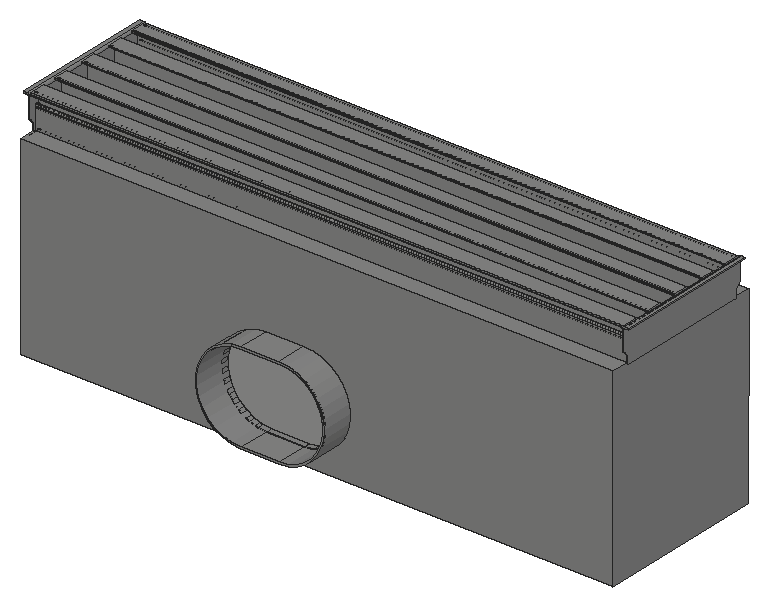
Revit family "Diffuser-Carnes-T_Bar_Mount-4-Slot-DTDB", category Duct Accessories, host Face, Revit 2014
Parameters (values of type "See Type Catalog")
  Supply Connector = yes
  Supply Connection = "Diffuser Supply Connector"  # constant formula
  Subcatagory = "Air Distribution"  # constant formula
  Specification Sheet = "http://www.carnes.com/AirDistribution/pdf/13100.pdf"
  Revit Object Download Link = "http://library.smartbim.com/download/Diffuser-Carnes-T_Bar_Mount-4-Slot-DTDB"
  Product Page URL = "http://www.carnes.com/AirDistribution/dtda.phtml"
  Length = 24"
  Inlet Nominal Size Width = 5"
  Inlet Nominal Size Height D = if(Inlet Nominal Size Width > 6", 5 1/4", 3 1/2")  # 3 1/2"
  Height = 9 1/16"  # constant formula
  Flow = 0 CFM
  Description = "Extruded Aluminum 4 Slot Diffuser T-Bar Mount"  # constant formula
  Profile Depth = 5.75918"
  URL = "http://www.carnes.com/"
  Model = "DTDB"  # constant formula
  Unit = Metal - Carnes - Steel Galvanized
  Manufacturer = "CARNES COMPANY"  # constant formula
  Depth = 2 3/4"
  Default Elevation = 0"
  D Depth = 6 11/16"
  Catalog = "http://www.carnes.com/AirDistribution/pdf/a462-465.pdf"
  Box Length = Length - 1/2"  # 23 1/2"
  B Radius = Inlet Width + 3"  # 9 1/2"
  Inlet Width = 6 1/2"
  Assembly Code = ""
  Inlet Offset = 10 1/2"
  95 CSI = ""
  04 CSI = ""
Reference planes (in)
  plane 1 "Center (Front/Back)": y = 0
  plane 2: z = 0
  plane 3 "Center (Left/Right)": x = 0.94
  plane 4: z = -1.25
  plane 5: y = 2.87959
  plane 6: y = -2.87959
  plane 7: z = 1.44451
  plane 8: x = -11.06
  plane 9: x = 12.94
  plane 10: z = -8.05549
  plane 11: z = -9.0625
Forms (in)
  Extrusion 1, void
    sketch origin (0.94, 0, 0) x (0, 1, 0) y (0, 0, 1)
      loop
        line (-2.87959, 1.44451) -> (-2.87959, -8.05549) -> (2.87959, -8.05549) -> (2.87959, 1.44451) -> (-2.87959, 1.44451)
    from -12 to 12
Dimensions and locks (in)
  locked: plane 2 to plane 4 at 1.25
  equal spacing: plane 6, plane 1 "Center (Front/Back)", plane 5
  "Profile Depth": plane 6 to plane 5
  locked: plane 7 to host face at 1.44451
  equal spacing: plane 8, plane 3 "Center (Left/Right)", plane 9
  "Length": plane 8 to plane 9
  plane 2 to plane 10 = 8.05549"
  "Height": plane 2 to plane 11
  equal spacing: host sketch curve, plane 1 "Center (Front/Back)", host sketch curve
  equal spacing: host sketch curve, plane 3 "Center (Left/Right)", host sketch curve
  aligned and locked: plane 2 to host face
  aligned and locked: level to host face
  aligned and locked: Extrusion 1 to plane 7
  aligned and locked: Extrusion 1 to plane 10
  aligned and locked: plane 9 to Extrusion 1
  aligned and locked: plane 8 to Extrusion 1
  aligned and locked: Extrusion 1 sketch curve to nested 1  (x2)
  aligned and locked: plane 1 "Center (Front/Back)" to nested 1
  aligned and locked: plane 1 "Center (Front/Back)" to nested 2
  aligned and locked: nested 1 to plane 3 "Center (Left/Right)"
  aligned and locked: nested 2 to plane 3 "Center (Left/Right)"
Automatic sketch dimensions
  Extrusion 1 sketch curve to plane 10 = 0"
  plane 7 to Extrusion 1 sketch curve = 0"
Nested families (in)
  nested 1: "602-1031" at (1.84432, 0, 0.04219) x (-1, 0, 0) z (0, 0, -1), type "Slot 4"
  nested 2: "CXPC" at (1.88, 0, 0.05188) x (-1, 0, 0) z (0, 0, -1), type "Parametric"
Connectors (in)
  hvac at (-0.31, -4.59375, -6.58911), driven by "Inlet Nominal Size Height D", driven by "Inlet Nominal Size Width", driven by "Supply Connector", driven by "Supply Connection"
    settings: on nested 2, index 1, duct flow 0 CFM, flow factor 0, pres drop 0.00 in-wg, loss coef 0, conn angle 0.00°, conn width 5", conn height 3 1/2", conn diameter 24", duct sys type 1, conn prof type 2, flow config 1, flow direction 1, loss method 0, conn ref index -1, conn util yes, is conn primary yes, conn desc "Diffuser Supply Connector"
Definition of nested family "602-1031"
  Parameters (values of type "Slot 4")
    Supply Connector = yes
    Supply Connection = ""
    Subcatagory = ""
    Specification Sheet = ""
    Product Page URL = ""
    Length = 24"
    URL = ""
    Model = "602-1091"  # constant formula
    Unit = Metal - Carnes - Steel Galvanized
    Manufacturer = ""
    Height = 1.44451"
    Flow = 0 CFM
    Description = ""
    Depth = 5.75918"
    Default Elevation = 0"
    Catalog = ""
    Assembly Code = ""
    95 CSI = ""
    04 CSI = ""
  Reference planes (in)
    plane 1 "Center (Front/Back)": y = 0
    plane 2: z = 0
    plane 3 "Center (Left/Right)": x = 0.90432
    plane 4: y = 2.87959
    plane 5: y = -2.87959
    plane 6: x = 12.90432
    plane 7: x = -11.09568
    plane 8: z = 1.44451
  Forms (in)
    Extrusion 1, solid
      sketch origin (0, 0, 0) x (1, 0, 0) y (0, 1, 0)
        loop
          line (-15.06379, 7) -> (-15.06379, -7) -> (16.87243, -7) -> (16.87243, 7) -> (-15.06379, 7)
      from 0 to -1
  Dimensions and locks (in)
    equal spacing: plane 5, plane 1 "Center (Front/Back)", plane 4
    "Depth": plane 5 to plane 4
    equal spacing: plane 6, plane 3 "Center (Left/Right)", plane 7
    "Length": plane 6 to plane 7
    "Height": plane 8 to Extrusion 1
    equal spacing: Extrusion 1 sketch curve, plane 1 "Center (Front/Back)", Extrusion 1 sketch curve
    equal spacing: Extrusion 1 sketch curve, plane 3 "Center (Left/Right)", Extrusion 1 sketch curve
    aligned and locked: plane 2 to Extrusion 1
    aligned and locked: level to Extrusion 1
  Nested families (in)
    nested 1: "Slot-4" at (-0.03568, 0, 0), type "Slot 4"
  Definition of nested family "Slot-4"
    Parameters (values of type "Slot 4")
      Length = 24"
      URL = ""
      Model = "DARD"  # constant formula
      Unit = Metal - Carnes - Steel Galvanized
      Manufacturer = ""
      Height = 1.44451"
      Depth = 5.75918"
      Default Elevation = 0"
      Assembly Code = ""
      95 CSI = ""
      04 CSI = ""
    Reference planes (in)
      plane 1 "Center (Front/Back)": y = 0
      plane 2: z = 0
      plane 3 "Center (Left/Right)": x = 0.94
      plane 4: z = -18
      plane 5: x = -11.06
      plane 6: x = 12.94
      plane 7: y = -2.87959
      plane 8: y = 2.87959
      plane 9: x = 12.69
      plane 10: x = -10.81
      plane 11: z = 1.44451
    Forms (in)
      Extrusion 1, solid
        sketch origin (0, -5, 0) x (1, 0, 0) y (0, 1, 0)
          loop
            line (-11.06, 7.87959) -> (-11.06, 2.12041) -> (12.94, 2.12041) -> (12.94, 7.87959) -> (-11.06, 7.87959)
        from 0 to -1
      Sweep 2, solid, material "Metal - Carnes - Steel Galvanized" <- "Unit"
        path origin (0, 0, 0.00391) x (1, 0, 0) y (0, 0, -1)
          loop
            line (-10.81, -1.43963) -> (12.69, -1.43963)
        profile origin (0.94, 0, 1.44353) x (0, 0, -1) y (0, 1, 0)
          loop
            arc (1.38825, 2.62274) -> (1.38229, 2.60836) -> (1.36791, 2.6024) r 0.02035
            line (1.36791, 2.6024) -> (1.32421, 2.6024) -> (1.32421, 2.55253) -> (1.38825, 2.55253) -> (1.38825, 2.48509) -> (0.83999, 2.48509) -> (0.83999, 2.55253) -> (0.9022, 2.55253) -> (0.9022, 2.58387)
            arc (0.9022, 2.58387) -> (0.89632, 2.59808) -> (0.8821, 2.60397) r 0.0201
            line (0.8821, 2.60397) -> (0.81064, 2.60397)
            arc (0.81064, 2.60397) -> (0.79608, 2.59794) -> (0.79005, 2.58338) r 0.02059
            line (0.79005, 2.58338) -> (0.79005, 2.50819)
            arc (0.79005, 2.50819) -> (0.78333, 2.492) -> (0.76711, 2.48533) r 0.02287
            line (0.76711, 2.48533) -> (0.02924, 2.48533)
            arc (0.02924, 2.48533) -> (0.00787, 2.47648) -> (-0.00098, 2.45511) r 0.03021
            line (-0.00098, 2.45511) -> (-0.00098, 2.3335)
            arc (-0.00098, 2.3335) -> (0.00484, 2.31945) -> (0.01889, 2.31363) r 0.01987
            line (0.01889, 2.31363) -> (0.11927, 2.31363)
            arc (0.11927, 2.31363) -> (0.1337, 2.31961) -> (0.13967, 2.33404) r 0.02041
            line (0.13967, 2.33404) -> (0.13967, 2.38919) -> (0.07783, 2.38919) -> (0.07783, 2.43343) -> (1.35582, 2.43343) -> (1.35582, 2.38528) -> (1.29367, 2.38528) -> (1.29367, 2.3297)
            arc (1.29367, 2.3297) -> (1.29956, 2.31546) -> (1.3138, 2.30957) r 0.02014
            line (1.3138, 2.30957) -> (1.36297, 2.30957)
            arc (1.36297, 2.30957) -> (1.37859, 2.30309) -> (1.38506, 2.28747) r 0.02209
            line (1.38506, 2.28747) -> (1.38506, 2.19896)
            arc (1.38506, 2.19896) -> (1.39145, 2.18354) -> (1.40687, 2.17715) r 0.02181
            line (1.40687, 2.17715) -> (1.44141, 2.17715) -> (1.44141, 2.83059) -> (1.35881, 2.83085)
            arc (1.35881, 2.83085) -> (1.33865, 2.80126) -> (1.36762, 2.78021) r 0.02571
            arc (1.36762, 2.78021) -> (1.38202, 2.77597) -> (1.38825, 2.76231) r 0.01808
            line (1.38825, 2.76231) -> (1.38825, 2.62274)
          loop
            line (0.01889, 1.15738) -> (0.11927, 1.15738)
            arc (0.11927, 1.15738) -> (0.1337, 1.16336) -> (0.13967, 1.17779) r 0.02041
            line (0.13967, 1.17779) -> (0.13967, 1.23294) -> (0.07783, 1.23294) -> (0.07783, 1.27718) -> (1.35582, 1.27718) -> (1.35582, 1.22903) -> (1.29367, 1.22903) -> (1.29367, 1.17345)
            arc (1.29367, 1.17345) -> (1.29956, 1.15921) -> (1.3138, 1.15332) r 0.02014
            line (1.3138, 1.15332) -> (1.36297, 1.15332)
            arc (1.36297, 1.15332) -> (1.37859, 1.14684) -> (1.38506, 1.13122) r 0.02209
            line (1.38506, 1.13122) -> (1.38506, 1.04271)
            arc (1.38506, 1.04271) -> (1.39145, 1.02729) -> (1.40687, 1.0209) r 0.02181
            line (1.40687, 1.0209) -> (1.44141, 1.0209) -> (1.44141, 1.61735) -> (1.40687, 1.61735)
            arc (1.40687, 1.61735) -> (1.39145, 1.61097) -> (1.38506, 1.59554) r 0.02181
            line (1.38506, 1.59554) -> (1.38506, 1.50703)
            arc (1.38506, 1.50703) -> (1.37859, 1.49141) -> (1.36297, 1.48494) r 0.02209
            line (1.36297, 1.48494) -> (1.3138, 1.48494)
            arc (1.3138, 1.48494) -> (1.29956, 1.47904) -> (1.29367, 1.4648) r 0.02014
            line (1.29367, 1.4648) -> (1.29367, 1.40923) -> (1.35582, 1.40923) -> (1.35582, 1.35696) -> (0.07783, 1.35696) -> (0.07783, 1.40532) -> (0.13967, 1.40532) -> (0.13967, 1.46047)
            arc (0.13967, 1.46047) -> (0.1337, 1.4749) -> (0.11927, 1.48087) r 0.02041
            line (0.11927, 1.48087) -> (0.01889, 1.48087)
            arc (0.01889, 1.48087) -> (0.00484, 1.47506) -> (-0.00098, 1.46101) r 0.01987
            line (-0.00098, 1.46101) -> (-0.00098, 1.17725)
            arc (-0.00098, 1.17725) -> (0.00484, 1.1632) -> (0.01889, 1.15738) r 0.01987
          loop
            arc (0.01889, -1.15738) -> (0.00484, -1.1632) -> (-0.00098, -1.17725) r 0.01987
            line (-0.00098, -1.17725) -> (-0.00098, -1.46101)
            arc (-0.00098, -1.46101) -> (0.00484, -1.47506) -> (0.01889, -1.48087) r 0.01987
            line (0.01889, -1.48087) -> (0.11927, -1.48087)
            arc (0.11927, -1.48087) -> (0.1337, -1.4749) -> (0.13967, -1.46047) r 0.02041
            line (0.13967, -1.46047) -> (0.13967, -1.40532) -> (0.07783, -1.40532) -> (0.07783, -1.36108) -> (1.35582, -1.36108) -> (1.35582, -1.40923) -> (1.29367, -1.40923) -> (1.29367, -1.4648)
            arc (1.29367, -1.4648) -> (1.29956, -1.47904) -> (1.3138, -1.48494) r 0.02014
            line (1.3138, -1.48494) -> (1.36297, -1.48494)
            arc (1.36297, -1.48494) -> (1.37859, -1.49141) -> (1.38506, -1.50703) r 0.02209
            line (1.38506, -1.50703) -> (1.38506, -1.59554)
            arc (1.38506, -1.59554) -> (1.39145, -1.61097) -> (1.40687, -1.61735) r 0.02181
            line (1.40687, -1.61735) -> (1.44141, -1.61735) -> (1.44141, -1.0209) -> (1.40687, -1.0209)
            arc (1.40687, -1.0209) -> (1.39145, -1.02729) -> (1.38506, -1.04271) r 0.02181
            line (1.38506, -1.04271) -> (1.38506, -1.13122)
            arc (1.38506, -1.13122) -> (1.37859, -1.14684) -> (1.36297, -1.15332) r 0.02209
            line (1.36297, -1.15332) -> (1.3138, -1.15332)
            arc (1.3138, -1.15332) -> (1.29956, -1.15921) -> (1.29367, -1.17345) r 0.02014
            line (1.29367, -1.17345) -> (1.29367, -1.22903) -> (1.35582, -1.22903) -> (1.35582, -1.2813) -> (0.07783, -1.2813) -> (0.07783, -1.23294) -> (0.13967, -1.23294) -> (0.13967, -1.17779)
            arc (0.13967, -1.17779) -> (0.1337, -1.16336) -> (0.11927, -1.15738) r 0.02041
            line (0.11927, -1.15738) -> (0.01889, -1.15738)
          loop
            arc (0.01889, 0.1738) -> (0.00484, 0.16798) -> (-0.00098, 0.15393) r 0.01987
            line (-0.00098, 0.15393) -> (-0.00098, -0.12983)
            arc (-0.00098, -0.12983) -> (0.00484, -0.14388) -> (0.01889, -0.14969) r 0.01987
            line (0.01889, -0.14969) -> (0.11927, -0.14969)
            arc (0.11927, -0.14969) -> (0.1337, -0.14372) -> (0.13967, -0.12929) r 0.02041
            line (0.13967, -0.12929) -> (0.13967, -0.07414) -> (0.07783, -0.07414) -> (0.07783, -0.0299) -> (1.35582, -0.0299) -> (1.35582, -0.07805) -> (1.29367, -0.07805) -> (1.29367, -0.13362)
            arc (1.29367, -0.13362) -> (1.29956, -0.14786) -> (1.3138, -0.15376) r 0.02014
            line (1.3138, -0.15376) -> (1.36297, -0.15376)
            arc (1.36297, -0.15376) -> (1.37859, -0.16023) -> (1.38506, -0.17586) r 0.02209
            line (1.38506, -0.17586) -> (1.38506, -0.26437)
            arc (1.38506, -0.26437) -> (1.39145, -0.27979) -> (1.40687, -0.28617) r 0.02181
            line (1.40687, -0.28617) -> (1.44141, -0.28617) -> (1.44141, 0.31028) -> (1.40687, 0.31028)
            arc (1.40687, 0.31028) -> (1.39145, 0.30389) -> (1.38506, 0.28847) r 0.02181
            line (1.38506, 0.28847) -> (1.38506, 0.19996)
            arc (1.38506, 0.19996) -> (1.37859, 0.18433) -> (1.36297, 0.17786) r 0.02209
            line (1.36297, 0.17786) -> (1.3138, 0.17786)
            arc (1.3138, 0.17786) -> (1.29956, 0.17197) -> (1.29367, 0.15773) r 0.02014
            line (1.29367, 0.15773) -> (1.29367, 0.10215) -> (1.35582, 0.10215) -> (1.35582, 0.04988) -> (0.07783, 0.04988) -> (0.07783, 0.09824) -> (0.13967, 0.09824) -> (0.13967, 0.15339)
            arc (0.13967, 0.15339) -> (0.1337, 0.16782) -> (0.11927, 0.1738) r 0.02041
            line (0.11927, 0.1738) -> (0.01889, 0.1738)
          loop
            line (1.38825, -2.62274) -> (1.38825, -2.76231)
            arc (1.38825, -2.76231) -> (1.38202, -2.77597) -> (1.36762, -2.78021) r 0.01808
            arc (1.36762, -2.78021) -> (1.33865, -2.80126) -> (1.35881, -2.83085) r 0.02571
            line (1.35881, -2.83085) -> (1.44141, -2.83059) -> (1.44141, -2.17715) -> (1.40687, -2.17715)
            arc (1.40687, -2.17715) -> (1.39145, -2.18354) -> (1.38506, -2.19896) r 0.02181
            line (1.38506, -2.19896) -> (1.38506, -2.28747)
            arc (1.38506, -2.28747) -> (1.37859, -2.30309) -> (1.36297, -2.30957) r 0.02209
            line (1.36297, -2.30957) -> (1.3138, -2.30957)
            arc (1.3138, -2.30957) -> (1.29956, -2.31546) -> (1.29367, -2.3297) r 0.02014
            line (1.29367, -2.3297) -> (1.29367, -2.38528) -> (1.35582, -2.38528) -> (1.35582, -2.43343) -> (0.07783, -2.43343) -> (0.07783, -2.38919) -> (0.13967, -2.38919) -> (0.13967, -2.33404)
            arc (0.13967, -2.33404) -> (0.1337, -2.31961) -> (0.11927, -2.31363) r 0.02041
            line (0.11927, -2.31363) -> (0.01889, -2.31363)
            arc (0.01889, -2.31363) -> (0.00484, -2.31945) -> (-0.00098, -2.3335) r 0.01987
            line (-0.00098, -2.3335) -> (-0.00098, -2.45511)
            arc (-0.00098, -2.45511) -> (0.00787, -2.47648) -> (0.02924, -2.48533) r 0.03021
            line (0.02924, -2.48533) -> (0.76711, -2.48533)
            arc (0.76711, -2.48533) -> (0.78333, -2.492) -> (0.79005, -2.50819) r 0.02287
            line (0.79005, -2.50819) -> (0.79005, -2.58338)
            arc (0.79005, -2.58338) -> (0.79608, -2.59794) -> (0.81064, -2.60397) r 0.02059
            line (0.81064, -2.60397) -> (0.8821, -2.60397)
            arc (0.8821, -2.60397) -> (0.89632, -2.59808) -> (0.9022, -2.58387) r 0.0201
            line (0.9022, -2.58387) -> (0.9022, -2.55253) -> (0.83999, -2.55253) -> (0.83999, -2.48509) -> (1.38825, -2.48509) -> (1.38825, -2.55253) -> (1.32421, -2.55253) -> (1.32421, -2.6024) -> (1.36791, -2.6024)
            arc (1.36791, -2.6024) -> (1.38229, -2.60836) -> (1.38825, -2.62274) r 0.02035
      Sweep 3, solid, material "Metal - Carnes - Steel Galvanized" <- "Unit"
        path origin (0.94, 0, 0) x (0, 1, 0) y (0, 0, 1)
          loop
            line (2.87959, 1.44451) -> (-2.87959, 1.44451)
        profile origin (0.94, 0, 1.44451) x (0, 0, -1) y (1, 0, 0)
          loop
            line (1.33877, -11.75) -> (0, -11.75) -> (0, -11.78983) -> (1.35617, -11.78983)
            arc (1.35617, -11.78983) -> (1.37691, -11.79842) -> (1.3855, -11.81916) r 0.02933
            line (1.3855, -11.81916) -> (1.3855, -12) -> (1.44238, -12) -> (1.44238, -11.85361)
            arc (1.44238, -11.85361) -> (1.41204, -11.78035) -> (1.33877, -11.75) r 0.10361
          loop
            arc (1.33877, 11.75) -> (1.41204, 11.78035) -> (1.44238, 11.85361) r 0.10361
            line (1.44238, 11.85361) -> (1.44238, 12) -> (1.3855, 12) -> (1.3855, 11.81916)
            arc (1.3855, 11.81916) -> (1.37691, 11.79842) -> (1.35617, 11.78983) r 0.02933
            line (1.35617, 11.78983) -> (0, 11.78983) -> (0, 11.75) -> (1.33877, 11.75)
      Extrusion 4, void
        sketch origin (0.94, 0, 0) x (0, 1, 0) y (0, 0, 1)
          loop
            line (2.68645, 1.40306) -> (2.68555, 1.12211)
            arc (2.68555, 1.12211) -> (2.68974, 1.10069) -> (2.7018, 1.08251) r 0.05593
            line (2.7018, 1.08251) -> (2.87959, 0.90357) -> (2.87959, 1.44451) -> (2.64514, 1.44451)
            arc (2.64514, 1.44451) -> (2.6744, 1.43236) -> (2.68645, 1.40306) r 0.04131
          loop
            arc (-2.68645, 1.40306) -> (-2.6744, 1.43236) -> (-2.64514, 1.44451) r 0.04131
            line (-2.64514, 1.44451) -> (-2.87959, 1.44451) -> (-2.87959, 0.90357) -> (-2.7018, 1.08251)
            arc (-2.7018, 1.08251) -> (-2.68974, 1.10069) -> (-2.68555, 1.12211) r 0.05593
            line (-2.68555, 1.12211) -> (-2.68645, 1.40306)
        from -12 to 12
    Cuts and joins
      Extrusion 4 cuts Sweep 3
    Lines and regions (in)
      Masking region 1
        outline origin (0, 0, 0) x (1, 0, 0) y (0, 1, 0)
          loop
            line (12.94, 2.87959) -> (-11.06, 2.87959) -> (-11.06, -2.87959) -> (12.94, -2.87959) -> (12.94, 2.87959)
      symbolic lines, style "Diffuser"
        curve 1: line (-10.84983, 2.83085, 0) -> (-10.84983, -2.83085, 0)
        curve 2: line (-10.81, 2.87959, 0) -> (-10.81, -2.83085, 0)
        curve 3: line (12.72983, 2.87959, 0) -> (12.72983, -2.83085, 0)
        curve 4: line (12.69, 2.83085, 0) -> (12.69, -2.87959, 0)
        curve 5: line (12.69, -2.17625, 0) -> (-10.81, -2.17625, 0)
        curve 6: line (12.69, -1.02, 0) -> (-10.81, -1.02, 0)
        curve 7: line (-10.81, -1.61645, 0) -> (12.69, -1.61645, 0)
        curve 8: line (12.69, -0.28617, 0) -> (-10.81, -0.28617, 0)
        curve 9: line (12.69, 2.17715, 0) -> (-10.81, 2.17715, 0)
        curve 10: line (12.69, 1.0209, 0) -> (-10.81, 1.0209, 0)
        curve 11: line (-10.81, 1.61735, 0) -> (12.69, 1.61735, 0)
        curve 12: line (12.69, 0.30961, 0) -> (-10.81, 0.30961, 0)
        curve 13: line (-10.84983, 2.83085, 0) -> (12.69, 2.83085, 0)
        curve 14: line (-10.84983, -2.83085, 0) -> (12.72983, -2.83085, 0)
    Dimensions and locks (in)
      locked: plane 2 to plane 4 at 18
      equal spacing: plane 5, plane 3 "Center (Left/Right)", plane 6
      "Length": plane 5 to plane 6
      equal spacing: plane 8, plane 1 "Center (Front/Back)", plane 7
      "Depth": plane 8 to plane 7
      locked: plane 9 to plane 6 at 0.25
      locked: plane 5 to plane 10 at 0.25
      "Height": plane 11 to Extrusion 1
      aligned and locked: plane 2 to Extrusion 1
      aligned and locked: level to Extrusion 1
      aligned and locked: plane 10 to Sweep 2 sketch curve
      aligned and locked: plane 9 to Sweep 2 sketch curve
      aligned and locked: Sweep 3 sketch curve to plane 10
      aligned and locked: Sweep 3 sketch curve to plane 9
      aligned and locked: plane 6 to Extrusion 4
      aligned and locked: plane 5 to Extrusion 4
    Automatic sketch dimensions
      Extrusion 1 sketch curve to Extrusion 1 sketch curve = 24"
      Extrusion 1 sketch curve to Extrusion 1 sketch curve = 5.75918"
      plane 11 to Sweep 2 sketch curve = 0.00098"
      Sweep 3 sketch curve to plane 7 = 0"
      Sweep 3 sketch curve to plane 8 = 0"
      plane 11 to Sweep 3 sketch curve = 0"
      Sweep 3 sketch curve to profile plane = 0"  (x2)
      Sweep 3 sketch curve to Sweep 3 sketch curve = 1.33877"  (x2)
      Sweep 3 sketch curve to Sweep 3 sketch curve = 0.0174"  (x2)
      Sweep 3 sketch curve to Sweep 3 sketch curve = 0.02933"  (x2)
      Sweep 3 sketch curve to Sweep 3 sketch curve = 0.05689"  (x2)
      Sweep 3 sketch curve to Sweep 3 sketch curve = 0.14639"  (x2)
      Sweep 3 sketch curve to Sweep 3 sketch curve = 0.03445"
      Sweep 3 sketch curve to Sweep 3 sketch curve = 0.03983"
      Extrusion 4 sketch curve to plane 7 = 0"
      plane 11 to Extrusion 4 sketch curve = 0"  (x2)
      Extrusion 4 sketch curve to plane 8 = 0"
      plane 7 to Extrusion 4 sketch curve = 0.13811"
      Extrusion 4 sketch curve to Extrusion 4 sketch curve = 0.03967"
      plane 11 to Extrusion 4 sketch curve = 0.04144"  (x2)
      plane 7 to Extrusion 4 sketch curve = 0.19314"
      Extrusion 4 sketch curve to Extrusion 4 sketch curve = 0.01625"  (x2)
      Extrusion 4 sketch curve to Extrusion 4 sketch curve = 0.04131"  (x2)
      Extrusion 4 sketch curve to Extrusion 4 sketch curve = 0.23445"
      plane 8 to Extrusion 4 sketch curve = 0.19404"
      Extrusion 4 sketch curve to Extrusion 4 sketch curve = 0.05593"
      Extrusion 4 sketch curve to Extrusion 4 sketch curve = 0.28096"  (x2)
      Extrusion 4 sketch curve to Extrusion 4 sketch curve = 0.00018"  (x2)
      Extrusion 4 sketch curve to Extrusion 4 sketch curve = 0.17894"  (x2)
      Sweep 2 sketch curve to Sweep 2 sketch curve = 0.01808"
      Sweep 2 sketch curve to Sweep 2 sketch curve = 0.02209"  (x8)
      Sweep 2 sketch curve to Sweep 2 sketch curve = 0.00517"  (x2)
      Sweep 2 sketch curve to Sweep 2 sketch curve = 0.0437"  (x2)
      Sweep 2 sketch curve to Sweep 2 sketch curve = 0.04916"  (x8)
      Sweep 2 sketch curve to Sweep 2 sketch curve = 0.02014"  (x8)
      Sweep 2 sketch curve to Sweep 2 sketch curve = 0.422"  (x2)
      Sweep 2 sketch curve to Sweep 2 sketch curve = 0.0201"  (x2)
      Sweep 2 sketch curve to Sweep 2 sketch curve = 0.04212"
      Sweep 2 sketch curve to Sweep 2 sketch curve = 0.06222"
      Sweep 2 sketch curve to Sweep 2 sketch curve = 0.02934"  (x2)
      Sweep 2 sketch curve to Sweep 2 sketch curve = 0.02059"
      Sweep 2 sketch curve to Sweep 2 sketch curve = 0.04994"
      Sweep 2 sketch curve to Sweep 2 sketch curve = 0.02287"  (x2)
      Sweep 2 sketch curve to Sweep 2 sketch curve = 0.00007"  (x2)
      Sweep 2 sketch curve to profile plane = 0.13967"  (x8)
      Sweep 2 sketch curve to Sweep 2 sketch curve = 0.02041"  (x8)
      Sweep 2 sketch curve to profile plane = 0.07783"  (x2)
      Sweep 2 sketch curve to Sweep 2 sketch curve = 0.06185"  (x6)
      Sweep 2 sketch curve to profile plane = 0.0299"
      Sweep 2 sketch curve to profile plane = 0.02924"  (x2)
      Sweep 2 sketch curve to profile plane = 0.01889"  (x8)
      profile plane to Sweep 2 sketch curve = 0.00098"  (x5)
      Sweep 2 sketch curve to Sweep 2 sketch curve = 0.03454"  (x4)
      Sweep 2 sketch curve to Sweep 2 sketch curve = 0.04424"  (x4)
      Sweep 2 sketch curve to Sweep 2 sketch curve = 0.04815"  (x3)
      Sweep 2 sketch curve to Sweep 2 sketch curve = 0.05515"  (x8)
      Sweep 2 sketch curve to Sweep 2 sketch curve = 0.05558"  (x8)
      Sweep 2 sketch curve to Sweep 2 sketch curve = 0.08851"  (x8)
      Sweep 2 sketch curve to Sweep 2 sketch curve = 0.73473"
      Sweep 2 sketch curve to Sweep 2 sketch curve = 1.00769"
      Sweep 2 sketch curve to Sweep 2 sketch curve = 0.04836"  (x3)
      Sweep 2 sketch curve to Sweep 2 sketch curve = 0.07978"  (x2)
      Sweep 2 sketch curve to Sweep 2 sketch curve = 0.5598"  (x2)
      Sweep 2 sketch curve to Sweep 2 sketch curve = 0.83276"  (x2)
      Sweep 2 sketch curve to Sweep 2 sketch curve = 0.02168"  (x2)
      Sweep 2 sketch curve to Sweep 2 sketch curve = 0.0231"  (x2)
      Sweep 2 sketch curve to Sweep 2 sketch curve = 0.06744"  (x4)
      Sweep 2 sketch curve to Sweep 2 sketch curve = 0.03084"  (x2)
      Sweep 2 sketch curve to Sweep 2 sketch curve = 0.04986"  (x2)
      Sweep 2 sketch curve to Sweep 2 sketch curve = 0.13957"  (x2)
      Sweep 2 sketch curve to Sweep 2 sketch curve = 0.04336"  (x2)
      Sweep 2 sketch curve to Sweep 2 sketch curve = 0.02492"  (x2)
      Sweep 2 sketch curve to Sweep 2 sketch curve = 0.02519"  (x2)
      profile plane to Sweep 2 sketch curve = 0.04988"
      Sweep 2 sketch curve to Sweep 2 sketch curve = 0.05227"  (x2)
      Sweep 2 sketch curve to Sweep 2 sketch curve = 0.71063"
      Sweep 2 sketch curve to Sweep 2 sketch curve = 0.98358"
      Sweep 2 sketch curve to Sweep 2 sketch curve = 0.62744"  (x2)
      Sweep 2 sketch curve to Sweep 2 sketch curve = 1.15399"
      Sweep 2 sketch curve to Sweep 2 sketch curve = 0.03054"  (x2)
      Sweep 2 sketch curve to Sweep 2 sketch curve = 0.0914"  (x2)
      Sweep 2 sketch curve to Sweep 2 sketch curve = 0"  (x5)
      Sweep 2 sketch curve to Sweep 2 sketch curve = 0.06216"  (x6)
      Sweep 2 sketch curve to Sweep 2 sketch curve = 0.03461"
      Sweep 2 sketch curve to Sweep 2 sketch curve = 0.00909"
      Sweep 2 sketch curve to Sweep 2 sketch curve = 0.00619"  (x2)
      Sweep 2 sketch curve to Sweep 2 sketch curve = 0.03243"  (x2)
      Sweep 2 sketch curve to Sweep 2 sketch curve = 0.02035"
      Sweep 2 sketch curve to Sweep 2 sketch curve = 0.02181"  (x8)
      Sweep 2 sketch curve to Sweep 2 sketch curve = 0.07742"
      Masking region 1 sketch curve to plane 5 = 0"
      Masking region 1 sketch curve to plane 6 = 0"
      Masking region 1 sketch curve to plane 7 = 0"
      plane 8 to Masking region 1 sketch curve = 0"
      curve 2 to plane 10 = 0"
      curve 8 to plane 9 = 0"
      plane 8 to curve 3 = 0"
      curve 4 to plane 7 = 0"
      plane 8 to curve 2 = 0"
      plane 10 to curve 1 = 0.03983"
      curve 14 to plane 9 = 0.03983"
      plane 7 to curve 14 = 0.04874"
      plane 8 to curve 13 = 0.04874"
      curve 5 to curve 7 = 0.5598"
      plane 1 "Center (Front/Back)" to curve 8 = 0.28617"
      curve 12 to curve 10 = 0.71129"
      curve 11 to curve 9 = 0.5598"
      curve 10 to curve 11 = 0.59645"
      curve 12 to plane 1 "Center (Front/Back)" = 0.30961"
      curve 7 to curve 6 = 0.59645"
      curve 3 to curve 5 = 0.65461"
Definition of nested family "CXPC"
  Parameters (values of type "Parametric")
    Slot Width = 5 27/128"
    Inlet Nominal Size Width = 5"
    Inlet Nominal Size Height D = if(Inlet Nominal Size Width > 6", 5 1/4", 3 1/2")  # 3 1/2"
    Half Inlet Width = Inlet Nominal Size Width / 2  # 2 1/2"
    Length = 23 1/2"
    Depth = 6 11/16"
    Height = 9 1/16"  # constant formula
    URL = "http://www.carnes.com/"
    Model = "DGAA"  # constant formula
    Unit = Metal - Carnes - Steel Galvanized
    Manufacturer = ""
    Default Elevation = 0"
    B Radius = B + 3"  # 9 1/2"
    B = 6 1/2"
    Assembly Code = ""
    A = 10 1/2"
    95 CSI = ""
    04 CSI = ""
  Reference planes (in)
    plane 1 "Center (Front/Back)": y = 0
    plane 2: z = 0
    plane 3 "Center (Left/Right)": x = 0.94
    plane 4: x = -10.81
    plane 5: x = 12.69
    plane 6: z = 9.0625
    plane 7: z = 8.5625
    plane 8: z = 6.5
    plane 9: x = -10.7475
    plane 10: x = 12.6275
    plane 11: z = -18
    plane 12: y = 3.34375
    plane 13: y = 3.09375
    plane 14: y = -3.34375
    plane 15: y = -3.09375
    plane 16: y = -4.59375
    plane 17: x = 2.19
    plane 18: z = 0.84375
    plane 19: y = -2.60547
    plane 20: y = 2.60547
    plane 21: z = 8.39099
    plane 22: z = 4.89099
  Forms (in)
    Extrusion 1, solid
      sketch origin (0, 0, 0) x (1, 0, 0) y (0, 1, 0)
        loop
          line (-13.81, 6) -> (-13.81, -6) -> (15.69, -6) -> (15.69, 6) -> (-13.81, 6)
      from 0 to -1
    Extrusion 2, solid, material "Metal - Carnes - Steel Galvanized" <- "Unit"
      sketch origin (0, 0, 0) x (1, 0, 0) y (0, 0, 1)
        loop
          line (-10.81, 9.0625) -> (-10.81, 8.5625) -> (12.69, 8.5625) -> (12.69, 9.0625) -> (-10.81, 9.0625)
      from -3.09375 to 3.09375
    Extrusion 3, solid, material "Metal - Carnes - Steel Galvanized" <- "Unit"
      sketch origin (0, 0, 0) x (1, 0, 0) y (0, 1, 0)
        loop
          line (-10.81, 3.34375) -> (-10.81, 3.09375) -> (12.69, 3.09375) -> (12.69, 3.34375) -> (-10.81, 3.34375)
        loop
          line (-10.81, -3.09375) -> (-10.81, -3.34375) -> (12.69, -3.34375) -> (12.69, -3.09375) -> (-10.81, -3.09375)
      from 1.4375 to 9.0625
    Sweep 4, solid, material "Metal - Carnes - Steel Galvanized" <- "Unit"
      path in 3D
        loop
          line (-10.81, -3.09375, 1.4375) -> (12.69, -3.09375, 1.4375)
      profile origin (0.94, -3.09375, 1.4375) x (0, -1, 0) y (0, 0, -1)
        loop
          line (-5.69922, 0) -> (-5.69922, 0.89784)
          arc (-5.69922, 0.89784) -> (-5.66851, 0.92855) -> (-5.6378, 0.89784) r 0.03071
          line (-5.6378, 0.89784) -> (-5.6378, 0.83461) -> (-5.60655, 0.83461) -> (-5.60655, 0.89765)
          arc (-5.60655, 0.89765) -> (-5.66852, 0.95963) -> (-5.7305, 0.89765) r 0.06198
          line (-5.7305, 0.89765) -> (-5.7305, 0.03125) -> (-6.4375, 0.03125) -> (-6.4375, 0) -> (-5.69922, 0)
        loop
          line (-0.48828, 0) -> (0.25, 0) -> (0.25, 0.03125) -> (-0.457, 0.03125) -> (-0.457, 0.89765)
          arc (-0.457, 0.89765) -> (-0.51898, 0.95963) -> (-0.58095, 0.89765) r 0.06198
          line (-0.58095, 0.89765) -> (-0.58095, 0.83461) -> (-0.5497, 0.83461) -> (-0.5497, 0.89784)
          arc (-0.5497, 0.89784) -> (-0.51899, 0.92855) -> (-0.48828, 0.89784) r 0.03071
          line (-0.48828, 0.89784) -> (-0.48828, 0)
    Extrusion 5, solid, material "Metal - Carnes - Steel Galvanized" <- "Unit"
      sketch origin (12.69, 0, 9.0625) x (0, 0, -1) y (0, 1, 0)
        loop
          line (0, -3.34375) -> (7.625, -3.34375) -> (7.625, 3.34375) -> (0, 3.34375) -> (0, -3.34375)
      from -0.0625 to 0
    Extrusion 6, solid, material "Metal - Carnes - Steel Galvanized" <- "Unit"
      sketch origin (-10.81, 0, 9.0625) x (0, 0, -1) y (0, -1, 0)
        loop
          line (0, 3.34375) -> (0, -3.34375) -> (7.625, -3.34375) -> (7.625, 3.34375) -> (0, 3.34375)
      from -0.0625 to 0
    Extrusion 7, void
      sketch origin (0, 0, 0) x (1, 0, 0) y (0, 0, 1)
        loop
          arc (1.44, 8.39099) -> (-0.31, 6.64099) -> (1.44, 4.89099) r 1.75
          line (1.44, 4.89099) -> (2.94, 4.89099)
          arc (2.94, 4.89099) -> (4.69, 6.64099) -> (2.94, 8.39099) r 1.75
          line (2.94, 8.39099) -> (1.44, 8.39099)
      from 3.34375 to 1.34378
    Extrusion 8, solid, material "Metal - Carnes - Steel Galvanized" <- "Unit"
      sketch origin (-11.06, -0.875, 0) x (1, 0, 0) y (0, 0, 1)
        loop
          arc (12.5, 8.39099) -> (10.75, 6.64099) -> (12.5, 4.89099) r 1.75
          line (12.5, 4.89099) -> (14, 4.89099)
          arc (14, 4.89099) -> (15.75, 6.64099) -> (14, 8.39099) r 1.75
          line (14, 8.39099) -> (12.5, 8.39099)
        loop
          arc (12.5, 8.45349) -> (10.6875, 6.64099) -> (12.5, 4.82849) r 1.8125
          line (12.5, 4.82849) -> (14, 4.82849)
          arc (14, 4.82849) -> (15.8125, 6.64099) -> (14, 8.45349) r 1.8125
          line (14, 8.45349) -> (12.5, 8.45349)
      from 2.21875 to 3.71875
  Cuts and joins
    Extrusion 7 cuts Extrusion 2
    Extrusion 7 cuts Extrusion 3
    Extrusion 7 cuts Sweep 4
    Extrusion 7 cuts Extrusion 5
    Extrusion 7 cuts Extrusion 6
    joined: Extrusion 2, Extrusion 3, Sweep 4, Extrusion 5, Extrusion 6
  Lines and regions (in)
    Masking region 1
      outline origin (0, 0, 0) x (1, 0, 0) y (0, 1, 0)
        loop
          line (-0.31, -4.59375) -> (4.69, -4.59375) -> (4.69, -3.34375) -> (-0.31, -3.34375) -> (-0.31, -4.59375)
    Masking region 2
      outline origin (0, 0, 0) x (1, 0, 0) y (0, 1, 0)
        loop
          line (-10.81, 3.34375) -> (-10.81, -3.34375) -> (12.69, -3.34375) -> (12.69, 3.34375) -> (-10.81, 3.34375)
    sketch lines
      curve 1: line (-10.81, -3.09375, 1.4375) -> (12.69, -3.09375, 1.4375)
  Dimensions and locks (in)
    equal spacing: plane 4, plane 3 "Center (Left/Right)", plane 5
    "Length": plane 4 to plane 5
    "Height": plane 6 to plane 2
    locked: plane 6 to plane 7 at 0.5
    level to plane 11 = 18"
    plane 6 to Extrusion 1 = 9 1/16"
    plane 8 to Extrusion 1 = 6 1/2"
    locked: plane 16 to plane 14 at 1.25
    "Depth": plane 12 to plane 14
    locked: plane 15 to plane 14 at 0.25
    locked: plane 12 to plane 13 at 0.25
    equal spacing: plane 12, plane 1 "Center (Front/Back)", plane 14
    locked: plane 10 to plane 5 at 0.0625
    locked: plane 9 to plane 4 at 0.0625
    "B": plane 8 to plane 2
    "A": plane 17 to plane 5
    locked: plane 18 to plane 2 at 0.84375
    Sweep 4 sketch curve to plane 18 to Sweep 4 sketch curve to Sweep 4 sketch curve to Sweep 4 sketch curve = 9/16" locked, 0.24086" locked, 0.09394" locked, 0.03107" locked  (x2)
    Sweep 4 sketch curve to Sweep 4 sketch curve to plane 19 to Sweep 4 sketch curve = 1/32" locked, 0.06142" locked, 0.03128" locked
    Sweep 4 sketch curve to plane 20 to Sweep 4 sketch curve to Sweep 4 sketch curve = 0.03128" locked, 0.06142" locked, 1/32" locked
    equal spacing: plane 20, plane 1 "Center (Front/Back)", plane 19
    "Slot Width": plane 20 to plane 19
    "Half Inlet Width": plane 17 to Extrusion 8 sketch curve
    "Half Inlet Width": Extrusion 8 sketch curve to plane 17
    "Inlet Nominal Size Height D": plane 21 to plane 22
    equal spacing: Extrusion 1 sketch curve, plane 3 "Center (Left/Right)", Extrusion 1 sketch curve
    equal spacing: Extrusion 1 sketch curve, plane 1 "Center (Front/Back)", Extrusion 1 sketch curve
    equal spacing: Masking region 1 sketch curve, plane 17, Masking region 1 sketch curve
    "Inlet Nominal Size Width": Masking region 1 sketch curve to Masking region 1 sketch curve
    aligned and locked: plane 2 to Extrusion 1
    aligned and locked: level to Extrusion 1
    aligned and locked: Extrusion 2 sketch curve to plane 6
    aligned and locked: Extrusion 2 sketch curve to plane 7
    aligned and locked: Extrusion 2 sketch curve to plane 4
    aligned and locked: plane 5 to Extrusion 2 sketch curve
    aligned and locked: Extrusion 3 sketch curve to plane 12
    aligned and locked: Extrusion 3 sketch curve to plane 13
    aligned and locked: plane 15 to Extrusion 3 sketch curve
    aligned and locked: plane 14 to Extrusion 3 sketch curve
    aligned and locked: Extrusion 3 sketch curve to plane 4
    aligned and locked: plane 5 to Extrusion 3 sketch curve
    aligned and locked: plane 6 to Extrusion 3
    aligned and locked: Extrusion 2 to Extrusion 3  (x2)
    aligned and locked: plane 10 to Extrusion 5
    aligned and locked: Extrusion 5 to plane 5
    aligned and locked: Extrusion 6 sketch curve to cut or joined group of Extrusion 2, Extrusion 3, Sweep 4, Extrusion 5, Extrusion 6, Extrusion 7  (x2)
    aligned and locked: cut or joined group of Extrusion 2, Extrusion 3, Sweep 4, Extrusion 5, Extrusion 6, Extrusion 7 to Extrusion 6 sketch curve
    aligned and locked: plane 9 to Extrusion 6
    aligned and locked: Extrusion 6 to plane 4
    aligned and locked: plane 5 to cut or joined group of Extrusion 2, Extrusion 3, Sweep 4, Extrusion 5, Extrusion 6, Extrusion 7
    aligned and locked: Extrusion 7 to plane 14
    aligned and locked: Extrusion 6 to Extrusion 3
    aligned and locked: cut or joined group of Extrusion 2, Extrusion 3, Sweep 4, Extrusion 5, Extrusion 6, Extrusion 7 to cut or joined group of Extrusion 2, Extrusion 3, Sweep 4, Extrusion 5, Extrusion 6, Extrusion 7
    aligned and locked: plane 12 to Sweep 4 sketch curve
    aligned and locked: Sweep 4 sketch curve to plane 14
    aligned and locked: plane 19 to Sweep 4 sketch curve
    aligned and locked: Sweep 4 sketch curve to plane 20
    aligned and locked: Extrusion 8 to plane 16
    aligned and locked: cut or joined group of Extrusion 2, Extrusion 3, Sweep 4, Extrusion 5, Extrusion 6, Extrusion 7 to Extrusion 8
    aligned and locked: Extrusion 7 sketch curve to Extrusion 8  (x2)
    aligned and locked: Extrusion 8 sketch curve to plane 21
    aligned and locked: plane 22 to Extrusion 8 sketch curve
    aligned and locked: Masking region 1 sketch curve to plane 16
    aligned and locked: Masking region 1 sketch curve to plane 14
    aligned and locked: Masking region 2 sketch curve to plane 4
    aligned and locked: Masking region 2 sketch curve to plane 12
    aligned and locked: plane 14 to Masking region 2 sketch curve
    aligned and locked: plane 5 to Masking region 2 sketch curve
  Automatic sketch dimensions
    Extrusion 3 sketch curve to plane 4 = 0"
    Extrusion 3 sketch curve to plane 5 = 0"
    Extrusion 2 to Extrusion 5 sketch curve = 0"
    Extrusion 5 sketch curve to Extrusion 2 = 1/4"  (x2)
    Extrusion 5 sketch curve to Extrusion 2 = 7 1/8"
    Extrusion 2 to Extrusion 6 sketch curve = 7 1/8"
    Masking region 2 sketch curve to plane 4 = 0"
    profile plane to Sweep 4 sketch curve = 0"  (x2)
    Extrusion 8 sketch curve to Extrusion 8 sketch curve = 0"  (x3)
    Extrusion 8 sketch curve to Extrusion 8 sketch curve = 1/16"
Types in the file's own list only (36): name | Length | Inlet Nominal Size Width | Inlet Nominal Size Height D | Profile Depth | Box Length | Inlet Offset
  DTDB 24 x 5In | 24" | 5" | 3 1/2" | 5 97/128" | 23 1/2" | 10 1/2"
  DTDB 24 x 6IN | 24" | 6" | 3 1/2" | 5 97/128" | 23 1/2" | 10 1/2"
  DTDB 24 x 7IN | 24" | 7" | 5 1/4" | 5 97/128" | 23 1/2" | 10 1/2"
  DTDB 24 x 8IN | 24" | 8" | 5 1/4" | 5 97/128" | 23 1/2" | 10 1/2"
  DTDB 24 x 10IN | 24" | 10" | 5 1/4" | 5 97/128" | 23 1/2" | 10 1/2"
  DTDB 24 x 12IN | 24" | 12" | 5 1/4" | 5 97/128" | 23 1/2" | 10 1/2"
  DTDB 30 x 5In | 30" | 5" | 3 1/2" | 5 97/128" | 29 1/2" | 14 1/2"
  DTDB 30 x 6IN | 30" | 6" | 3 1/2" | 5 97/128" | 29 1/2" | 14 1/2"
  DTDB 30 x 7IN | 30" | 7" | 5 1/4" | 5 97/128" | 29 1/2" | 14 1/2"
  DTDB 30 x 8IN | 30" | 8" | 5 1/4" | 5 97/128" | 29 1/2" | 14 1/2"
  DTDB 30 x 10IN | 30" | 10" | 5 1/4" | 5 97/128" | 29 1/2" | 14 1/2"
  DTDB 30 x 12IN | 30" | 12" | 5 1/4" | 5 97/128" | 29 1/2" | 14 1/2"
  DTDB 36 x 5In | 36" | 5" | 3 1/2" | 5 97/128" | 35 1/2" | 17 1/2"
  DTDB 36 x 6IN | 36" | 6" | 3 1/2" | 5 97/128" | 35 1/2" | 17 1/2"
  DTDB 36 x 7IN | 36" | 7" | 5 1/4" | 5 97/128" | 35 1/2" | 17 1/2"
  DTDB 36 x 8IN | 36" | 8" | 5 1/4" | 5 97/128" | 35 1/2" | 17 1/2"
  DTDB 36 x 10IN | 36" | 10" | 5 1/4" | 5 97/128" | 35 1/2" | 17 1/2"
  DTDB 36 x 12IN | 36" | 12" | 5 1/4" | 5 97/128" | 35 1/2" | 17 1/2"
  DTDB 48 x 5In | 48" | 5" | 3 1/2" | 5 97/128" | 47 1/2" | 23 1/2"
  DTDB 48 x 6IN | 48" | 6" | 3 1/2" | 5 97/128" | 47 1/2" | 23 1/2"
  DTDB 48 x 7IN | 48" | 7" | 5 1/4" | 5 97/128" | 47 1/2" | 23 1/2"
  DTDB 48 x 8IN | 48" | 8" | 5 1/4" | 5 97/128" | 47 1/2" | 23 1/2"
  DTDB 48 x 10IN | 48" | 10" | 5 1/4" | 5 97/128" | 47 1/2" | 23 1/2"
  DTDB 48 x 12IN | 48" | 12" | 5 1/4" | 5 97/128" | 47 1/2" | 23 1/2"
  DTDB 60 x 5In | 60" | 5" | 3 1/2" | 5 97/128" | 59 1/2" | 29 1/2"
  DTDB 60 x 6IN | 60" | 6" | 3 1/2" | 5 97/128" | 59 1/2" | 29 1/2"
  DTDB 60 x 7IN | 60" | 7" | 5 1/4" | 5 97/128" | 59 1/2" | 29 1/2"
  DTDB 60 x 8IN | 60" | 8" | 5 1/4" | 5 97/128" | 59 1/2" | 29 1/2"
  DTDB 60 x 10IN | 60" | 10" | 5 1/4" | 5 97/128" | 59 1/2" | 29 1/2"
  DTDB 60 x 12IN | 60" | 12" | 5 1/4" | 5 97/128" | 59 1/2" | 29 1/2"
  DTDB 72 x 5In | 72" | 5" | 3 1/2" | 5 97/128" | 71 1/2" | 35 1/2"
  DTDB 72 x 6IN | 72" | 6" | 3 1/2" | 5 97/128" | 71 1/2" | 35 1/2"
  DTDB 72 x 7IN | 72" | 7" | 5 1/4" | 5 97/128" | 71 1/2" | 35 1/2"
  DTDB 72 x 8IN | 72" | 8" | 5 1/4" | 5 97/128" | 71 1/2" | 35 1/2"
  DTDB 72 x 10IN | 72" | 10" | 5 1/4" | 5 97/128" | 71 1/2" | 35 1/2"
  DTDB 72 x 12IN | 72" | 12" | 5 1/4" | 5 97/128" | 71 1/2" | 35 1/2"
